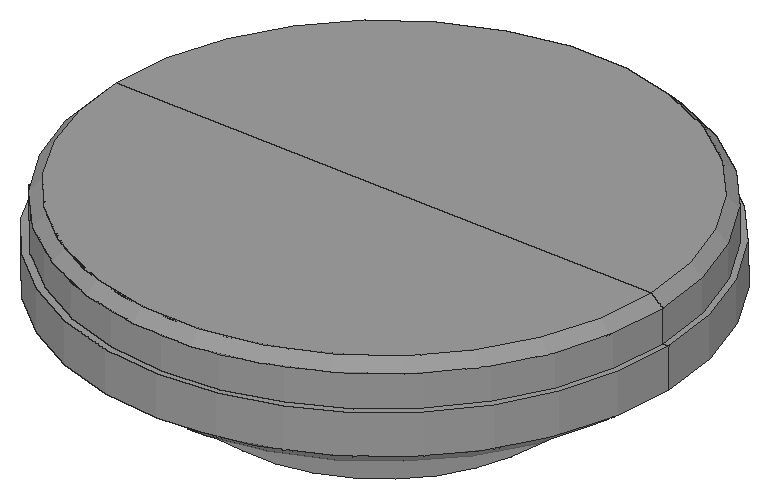
Revit family
Parameters (values of type "MARC DL-60")
  built-in parameter 1150105 = 1230.7 (stored number, unit not read)
  Dimming Lamp Color Temperature Shift = (empty or 0)
  built-in parameter 1150139 = (empty or 0)
  built-in parameter 1150133 = 10 (stored number, unit not read)
  built-in parameter 1150109 = 1 (stored number, unit not read)
  built-in parameter 1114218 = 1 (stored number, unit not read)
  built-in parameter 1150110 = 1 (stored number, unit not read)
  built-in parameter 1150112 = 1 (stored number, unit not read)
  built-in parameter 1150113 = 1 (stored number, unit not read)
  Lumens = 3866.4 lm
  Light Source Symbol Size = 100 mm
  Manufacturer = "KANLUX"  # constant formula
  built-in parameter 1150107 = 2800 (stored number, unit not read)
  Keynote = "07015"
  Apparent Load = 60 VA
  built-in parameter 1150106 = 12.307 (stored number, unit not read)
  Model = "MARC DL-60"
  Wattage = 60 W
  built-in parameter 1150137 = (empty or 0)
  built-in parameter 1150132 = (empty or 0)
  Materiał klosza = klosz
  Materiał obudowy = obudowa
  built-in parameter 1150138 = (empty or 0)
  built-in parameter 1150134 = 4
  built-in parameter 1150102 = (empty or 0)
  Color Filter = 16777215
  Emit from Circle Diameter = 226 mm
  Emit Shape Visible in Rendering = no
  built-in parameter 1150104 = 5.9867 (stored number, unit not read)
  Default Elevation = 105 mm
  built-in parameter 1150115 = 1 (stored number, unit not read)
  built-in parameter 1150114 = 1 (stored number, unit not read)
  built-in parameter 1114217 = 1 (stored number, unit not read)
Reference planes
  plane 1 "Środek (Przód/Tył)": y = 0
  plane 2: z = 0
  plane 3 "Środek (Lewa/Prawa)": x = 0
  plane 4 "rzędna": z = -105
  plane 5: z = 0
  plane 6: x = -136
  plane 7: x = 136
  plane 8: y = 136
  plane 9: y = -136
  plane 10: z = -48
  plane 11: x = -113
  plane 12: z = -20
Forms (mm)
  Extrusion 1, solid, not visible
    sketch origin (0, 0, 0) x (1, 0, 0) y (0, 1, 0)
      loop
        line (-1219.2, 1219.2) -> (-1219.2, -1219.2) -> (1219.2, -1219.2) -> (1219.2, 1219.2) -> (-1219.2, 1219.2)
    from 0 to 304.8
  Revolve 2, solid, material "klosz" <- "Materiał klosza"
    sketch origin (0, 0, 0) x (1, 0, 0) y (0, 0, 1)
      loop
        arc (-113, -48) -> (-63.148, -89.52) -> (0, -104.405) r 141.393
        line (0, -104.405) -> (0, -48) -> (-113, -48)
      axis (0, -48) -> (0, -104.405)
    angle from 0 to 360
  Revolve 3, solid, material "obudowa" <- "Materiał obudowy"
    sketch origin (0, 0, -140) x (1, 0, 0) y (0, 0, 1)
      loop
        line (-128, 140) -> (-133, 135) -> (-133, 120) -> (-136, 120) -> (-136, 101.103) -> (-123, 92) -> (0, 92) -> (0, 140) -> (-128, 140)
      axis (0, 92) -> (0, 140)
    angle from 0 to 360
Dimensions and locks
  "Default Elevation": level to plane 4 "rzędna"
  locked: plane 5 to plane 4 "rzędna" at 105
  equal spacing: plane 6, plane 3 "Środek (Lewa/Prawa)", plane 7
  locked: plane 6 to plane 7 at 272
  equal spacing: plane 9, plane 1 "Środek (Przód/Tył)", plane 8
  locked: plane 9 to plane 8 at 272
  locked: plane 5 to plane 10 at 48
  locked: plane 3 "Środek (Lewa/Prawa)" to plane 11 at 113
  locked: plane 5 to plane 12 at 20
  aligned and locked: plane 2 to Extrusion 1
  aligned and locked: level to Extrusion 1
  aligned and locked: Revolve 2 sketch curve to plane 10
  aligned and locked: Revolve 2 sketch curve to plane 3 "Środek (Lewa/Prawa)"  (x2)
  aligned and locked: Revolve 3 sketch curve to plane 5
  aligned and locked: Revolve 3 sketch curve to plane 3 "Środek (Lewa/Prawa)"
  aligned and locked: Revolve 3 sketch curve to plane 10
  aligned and locked: plane 10 to imposter light
  aligned and locked: plane 11 to Revolve 2 sketch curve
  aligned and locked: plane 6 to Revolve 3 sketch curve
  aligned and locked: Revolve 3 sketch curve to plane 12
Automatic sketch dimensions
  Extrusion 1 sketch curve to Extrusion 1 sketch curve = 2438.4 mm  (x2)
  plane 4 "rzędna" to Revolve 2 sketch curve = 0.595 mm  (x2)
  Revolve 2 sketch curve to Revolve 2 sketch curve = 2514.923 mm
  Revolve 3 sketch curve to plane 3 "Środek (Lewa/Prawa)" = 0 mm
  Revolve 3 sketch curve to plane 5 = 0 mm
  Revolve 3 sketch curve to plane 11 = 10 mm
  Revolve 3 sketch curve to plane 4 "rzędna" = 2625.058 mm
  plane 10 to Revolve 3 sketch curve = 9.103 mm
  Revolve 3 sketch curve to plane 5 = 5 mm
  Revolve 3 sketch curve to plane 6 = 8 mm
  Revolve 3 sketch curve to Revolve 3 sketch curve = 3 mm
Connectors
  electrical at (0, 0, 0), driven by "Apparent Load"
    settings: on plane 5, index 1
